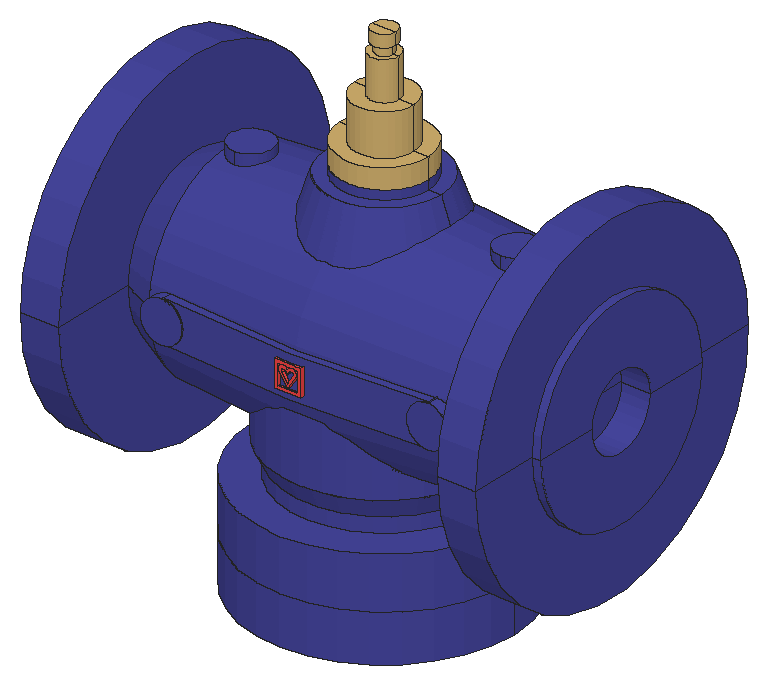
Revit family "Клапан проходной регулирующий, фланцевый F 4035_PN16", category Rohrzubehör, Revit 2018
Family settings
  Bemaßung runder Anschluss = Durchmesser verwenden
  Teiletyp = Unterbricht
  OmniClass-Nummer = 23.65.55.14
  OmniClass-Titel = Valves for Liquid Services
  Arbeitsebenenbasiert = Nein
  Immer vertikal = Ja
  Beim Laden mit Abzugskörper schneiden = Nein
  Gemeinsam genutzt = Nein
Parameters (values of type "kvs6.3")
  Среда = "Качество очистки воды должно соответствовать нормам ÖNORM H 5195 и VDI 2035 стандартам."
  Номер заказа [instance] = if(and(kvs1, Nennweite = 15 mm), 403501, if(and(kvs1.6, Nennweite = 15 mm), 403511, if(and(kvs2.5, Nennweite = 15 mm), 403521, if(and(kvs4, Nennweite = 15 mm), 403531, if(and(kvs6.3, Nennweite = 25 mm), 403503, if(and(kvs10, Nennweite = 25 mm), 403513, if(and(kvs16, Nennweite = 32 mm), 403504, if(and(kvs25, Nennweite = 40 mm), 403505, if(and(kvs40, Nennweite = 50 mm), 403516, if(and(kvs63, Nennweite = 65 mm), 403507, if(and(kvs100, Nennweite = 80 mm), 403508, if(and(kvs160, Nennweite = 100 mm), 403509, if(and(kvs250, Nennweite = 125 mm), 403510, if(and(kvs330, Nennweite = 150 mm), 403541, 0))))))))))))))  # 403503
  Вес [instance] = size_lookup("4035_PN16", "Gewicht", 25, Nennweite)  # 8
  kvs63 = no
  kvs6.3 = yes
  kvs40 = no
  kvs4 = no
  kvs330 = no
  kvs250 = no
  kvs25 = no
  kvs2.5 = no
  kvs160 = no
  kvs16 = no
  kvs100 = no
  kvs10 = no
  kvs1.6 = no
  kvs1 = no
  Седло клапана = "WN1.4021"  # constant formula
  Конус клапана = "WN1.4021/латунь"  # constant formula
  Пропускная характеристика клапана = "равнопроцентная"  # constant formula
  URL = "www.herz-armaturen.ru"
  Шток = "WN1.4404"  # constant formula
  SCTWSEQ = "FW;SBT_TYP_FW=\"101\";2"
  SCTWCODE = "04;05;02"  # constant formula
  SCRNSEQ = "ARM;ARM_TYP=\"DURR\";2"
  SCRNCODE = "05;06;02"  # constant formula
  R14 = 4 mm  # constant formula
  R13 = 3 mm  # constant formula
  R12 = 5 mm  # constant formula
  R11 [instance] = size_lookup("4035_PN16", "R11", 18 mm, Nennweite)  # 10 mm
  R10 [instance] = size_lookup("4035_PN16", "R10", 23 mm, Nennweite)  # 15 mm
  R09 [instance] = size_lookup("4035_PN16", "R9", 49 mm, Nennweite)  # 19.5 mm
  R08 [instance] = R00 + 3 mm  # 41 mm
  R07 [instance] = size_lookup("4035_PN16", "R7", 15.5 mm, Nennweite)  # 7 mm
  R06 [instance] = size_lookup("4035_PN16", "R6", 15.5 mm, Nennweite)  # 7 mm
  R05 [instance] = size_lookup("4035_PN16", "R5", 62.5 mm, Nennweite)  # 35.5 mm
  R04 [instance] = size_lookup("4035_PN16", "R4", 59.5 mm, Nennweite)  # 32.5 mm
  R03 [instance] = size_lookup("4035_PN16", "R3", 43 mm, Nennweite)  # 44 mm
  R02 [instance] = size_lookup("4035_PN16", "R2", 43 mm, Nennweite)  # 19.5 mm
  R01 [instance] = size_lookup("4035_PN16", "R1", 55.5 mm, Nennweite)  # 28.5 mm
  R00 [instance] = size_lookup("4035_PN16", "R", 65 mm, Nennweite)  # 38 mm
  PN = 16  # constant formula
  Nennweite [instance] = 25 mm
  Мин. рабочая температура = 5 °C  # constant formula
  Макс. рабочая температура = 150 °C  # constant formula
  Макс. рабочее давление = 1600000.0 Pa  # constant formula
  LO1 [instance] = size_lookup("4035_PN16", "LO1", 28.5 mm, Nennweite)  # 40 mm
  L07 [instance] = L06 - R06  # 45 mm
  L06 [instance] = size_lookup("4035_PN16", "L6", 110 mm, Nennweite)  # 52 mm
  L05 [instance] = D00  # 57.5 mm
  L03 = 10 mm  # constant formula
  L02 [instance] = size_lookup("4035_PN16", "L2", 15 mm, Nennweite)  # 13 mm
  L01 = 3 mm  # constant formula
  L00 [instance] = size_lookup("4035_PN16", "L", 145 mm, Nennweite)  # 80 mm
  Hersteller = "Herz-Armaturen GmbH"  # constant formula
  H18 [instance] = 17.5 mm  # constant formula
  H15 = 4 mm  # constant formula
  H14 [instance] = size_lookup("4035_PN16", "H14", 17 mm, Nennweite)  # 13 mm
  H13 [instance] = size_lookup("4035_PN16", "H13", 18 mm, Nennweite)  # 14 mm
  H12 [instance] = size_lookup("4035_PN16", "H12", 10.5 mm, Nennweite)  # 6.8 mm
  H11 [instance] = size_lookup("4035_PN16", "H11", 52.5 mm, Nennweite)  # 40.8 mm
  H10 [instance] = size_lookup("4035_PN16", "H10", 135.4 mm, Nennweite)  # 88.3 mm
  H09 = 3 mm  # constant formula
  H08 [instance] = size_lookup("4035_PN16", "H8", 79 mm, Nennweite)  # 44.5 mm
  H07 [instance] = R00  # 38 mm
  H06 [instance] = size_lookup("4035_PN16", "H6", 59 mm, Nennweite)  # 35 mm
  H05 [instance] = size_lookup("4035_PN16", "H5", 20 mm, Nennweite)  # 5 mm
  H04 [instance] = size_lookup("4035_PN16", "H4", 17 mm, Nennweite)  # 15 mm
  H02 [instance] = size_lookup("4035_PN16", "H2", 38 mm, Nennweite)  # 3 mm
  H03 [instance] = size_lookup("4035_PN16", "H3", 112 mm, Nennweite)  # 64 mm
  H01 [instance] = size_lookup("4035_PN16", "H1", 14 mm, Nennweite)  # 16 mm
  Корпус = "EN-GJL-250 (EN 1561)"  # constant formula
  Материал уплотнения = "70EPDM"  # constant formula
  DN80 [instance] = Nennweite = 80 mm  # no
  DN65 [instance] = Nennweite = 65 mm  # no
  DN50 [instance] = Nennweite = 50 mm  # no
  DN40 [instance] = Nennweite = 40 mm  # no
  DN32 [instance] = Nennweite = 32 mm  # no
  DN25 [instance] = Nennweite = 25 mm  # yes
  DN150 [instance] = Nennweite = 150 mm  # no
  DN15 [instance] = Nennweite = 15 mm  # no
  DN125 [instance] = Nennweite = 125 mm  # no
  DN100 [instance] = Nennweite = 100 mm  # no
  D02 [instance] = Nennweite / 2  # 12.5 mm
  D01 [instance] = size_lookup("4035_PN16", "D1", 61 mm, Nennweite)  # 34 mm
  D00 [instance] = size_lookup("4035_PN16", "D", 92.5 mm, Nennweite)  # 57.5 mm
  Description = ""
  Область применения = "Клапан может использоваться в системах отопления, вентиляции и кондиционирования воздуха, в производственных и технологических процессах. Пропускная характеристика клапана - равнопроцентная. Соотношение регулирования (соотношение между пропускной способностью при номинальной высоте хода Kvs и минимальным значением пропускной способности, при которой погрешность регулирования находится в пределах номинального допуска Kvmin) - 30. Выбор проходного фланцевого клапана осущетвляется в соответствии с диаграммой значений kvs."
  Фланцевое соединение = "EN 1092-2"  # constant formula
Types (15, lengths in mm): name | Номер заказа | Вес | kvs63 | kvs6.3 | kvs40 | kvs4 | kvs330 | kvs250 | kvs25 | kvs2.5 | kvs160 | kvs16 | kvs100 | kvs10 | kvs1.6 | kvs1 | R11 | R10 | R09 | R08 | R07 | R06 | R05 | R04 | R03 | R02 | R01 | R00 | Nennweite | LO1 | L07 | L06 | L05 | L02 | L00 | H14 | H13 | H12 | H11 | H10 | H08 | H07 | H06 | H05 | H04 | H02 | H03 | H01 | DN80 | DN50 | DN40 | DN32 | DN25 | DN150 | DN15 | DN125 | DN100 | D02 | D01 | D00
  (no name) | 403503 | 8 | no | yes | no | no | no | no | no | no | no | no | no | no | no | no | 10 | 15 | 19.5 | 41 | 7 | 7 | 35.5 | 32.5 | 44 | 19.5 | 28.5 | 38 | 25 | 40 | 45 | 52 | 57.5 | 13 | 80 | 13 | 14 | 6.8 | 40.8 | 88.3 | 44.5 | 38 | 35 | 5 | 15 | 3 | 64 | 16 | no | no | no | no | yes | no | no | no | no | 12.5 | 34 | 57.5
  kvs1 | 403501 | 5 | no | no | no | no | no | no | no | no | no | no | no | no | no | yes | 10 | 15 | 19.5 | 29.5 | 6 | 6 | 24 | 21 | 32.5 | 14 | 17 | 26.5 | 15 | 27.5 | 34 | 40 | 47.5 | 11 | 65 | 13 | 14 | 6.8 | 40.8 | 80.3 | 36.5 | 26.5 | 24.5 | 5 | 13 | 11 | 49 | 14 | no | no | no | no | no | no | yes | no | no | 7.5 | 22.5 | 47.5
  kvs1.6 | 403511 | 5 | no | no | no | no | no | no | no | no | no | no | no | no | yes | no | 10 | 15 | 19.5 | 29.5 | 6 | 6 | 24 | 21 | 32.5 | 14 | 17 | 26.5 | 15 | 27.5 | 34 | 40 | 47.5 | 11 | 65 | 13 | 14 | 6.8 | 40.8 | 80.3 | 36.5 | 26.5 | 24.5 | 5 | 13 | 11 | 49 | 14 | no | no | no | no | no | no | yes | no | no | 7.5 | 22.5 | 47.5
  kvs2.5 | 403521 | 5 | no | no | no | no | no | no | no | yes | no | no | no | no | no | no | 10 | 15 | 19.5 | 29.5 | 6 | 6 | 24 | 21 | 32.5 | 14 | 17 | 26.5 | 15 | 27.5 | 34 | 40 | 47.5 | 11 | 65 | 13 | 14 | 6.8 | 40.8 | 80.3 | 36.5 | 26.5 | 24.5 | 5 | 13 | 11 | 49 | 14 | no | no | no | no | no | no | yes | no | no | 7.5 | 22.5 | 47.5
  kvs4 | 403531 | 5 | no | no | no | yes | no | no | no | no | no | no | no | no | no | no | 10 | 15 | 19.5 | 29.5 | 6 | 6 | 24 | 21 | 32.5 | 14 | 17 | 26.5 | 15 | 27.5 | 34 | 40 | 47.5 | 11 | 65 | 13 | 14 | 6.8 | 40.8 | 80.3 | 36.5 | 26.5 | 24.5 | 5 | 13 | 11 | 49 | 14 | no | no | no | no | no | no | yes | no | no | 7.5 | 22.5 | 47.5
  kvs6.3 | 403503 | 8 | no | yes | no | no | no | no | no | no | no | no | no | no | no | no | 10 | 15 | 19.5 | 41 | 7 | 7 | 35.5 | 32.5 | 44 | 19.5 | 28.5 | 38 | 25 | 40 | 45 | 52 | 57.5 | 13 | 80 | 13 | 14 | 6.8 | 40.8 | 88.3 | 44.5 | 38 | 35 | 5 | 15 | 3 | 64 | 16 | no | no | no | no | yes | no | no | no | no | 12.5 | 34 | 57.5
  kvs10 | 403513 | 8 | no | no | no | no | no | no | no | no | no | no | no | yes | no | no | 10 | 15 | 19.5 | 41 | 7 | 7 | 35.5 | 32.5 | 44 | 19.5 | 28.5 | 38 | 25 | 40 | 45 | 52 | 57.5 | 13 | 80 | 13 | 14 | 6.8 | 40.8 | 88.3 | 44.5 | 38 | 35 | 5 | 15 | 3 | 64 | 16 | no | no | no | no | yes | no | no | no | no | 12.5 | 34 | 57.5
  kvs16 | 403504 | 11.5 | no | no | no | no | no | no | no | no | no | yes | no | no | no | no | 10 | 15 | 20.5 | 46 | 9 | 9 | 40.5 | 37.5 | 49 | 24.5 | 33.5 | 43 | 32 | 45 | 51 | 60 | 70 | 13 | 90 | 17 | 18 | 10.5 | 52.5 | 102 | 46.5 | 43 | 39 | 15 | 15 | 4 | 84 | 16 | no | no | no | yes | no | no | no | no | no | 16 | 39 | 70
  kvs25 | 403505 | 13 | no | no | no | no | no | no | yes | no | no | no | no | no | no | no | 10 | 15 | 20.5 | 51 | 12 | 12 | 45.5 | 42.5 | 54 | 29 | 38.5 | 48 | 40 | 50 | 56 | 68 | 75 | 13 | 100 | 17 | 18 | 10.5 | 52.5 | 112 | 56.5 | 48 | 43 | 20 | 15 | 1 | 94 | 16 | no | no | yes | no | no | no | no | no | no | 20 | 44 | 75
  kvs63 | 0 | 16 | yes | no | no | no | no | no | no | no | no | no | no | no | no | no | 18 | 23 | 49 | 56 | 13.5 | 13.5 | 52.5 | 49.5 | 61 | 34 | 45.5 | 53 | 50 | 56 | 66.5 | 80 | 82.5 | 15 | 115 | 17 | 18 | 10.5 | 52.5 | 122 | 66.5 | 53 | 43 | 1 | 15 | 42 | 67 | 18 | no | yes | no | no | no | no | no | no | no | 25 | 51 | 82.5
  kvs100 | 403508 | 31 | no | no | no | no | no | no | no | no | no | no | yes | no | no | no | 18 | 23 | 49 | 76 | 15.5 | 15.5 | 70.5 | 67.5 | 79 | 51 | 63.5 | 73 | 80 | 77 | 99.5 | 115 | 100 | 17 | 155 | 17 | 18 | 10.5 | 52.5 | 168.5 | 113 | 73 | 65 | 20 | 19 | 46 | 125 | 20 | yes | no | no | no | no | no | no | no | no | 40 | 69 | 100
  kvs160 | 403509 | 46 | no | no | no | no | no | no | no | no | yes | no | no | no | no | no | 30 | 35 | 61 | 86 | 20.5 | 20.5 | 80.5 | 77.5 | 89 | 61 | 73.5 | 83 | 100 | 88 | 112.5 | 133 | 110 | 17 | 175 | 21 | 22 | 14.2 | 64.2 | 189.7 | 122.5 | 83 | 73 | 25 | 19 | 65 | 135 | 20 | no | no | no | no | no | no | no | no | yes | 50 | 79 | 110
  kvs250 | 403510 | 72 | no | no | no | no | no | yes | no | no | no | no | no | no | no | no | 30 | 35 | 61 | 101 | 20.5 | 20.5 | 95.5 | 92.5 | 104 | 76 | 88.5 | 98 | 125 | 103 | 134.5 | 155 | 125 | 19 | 200 | 21 | 22 | 14.2 | 64.2 | 231 | 163.5 | 98 | 80 | 30 | 21 | 44 | 158 | 21 | no | no | no | no | no | no | no | yes | no | 62.5 | 94 | 125
  kvs330 | 403541 | 91 | no | no | no | no | yes | no | no | no | no | no | no | no | no | no | 30 | 35 | 61 | 113 | 20.5 | 20.5 | 107.5 | 104.5 | 116 | 88 | 100.5 | 110 | 150 | 115 | 174.5 | 195 | 142.5 | 19 | 240 | 21 | 22 | 14.2 | 64.2 | 237.5 | 170 | 110 | 85 | 25 | 21 | 42 | 153 | 21 | no | no | no | no | no | yes | no | no | no | 75 | 106 | 142.5
  Kvs40 | 403516 | 16 | no | no | yes | no | no | no | no | no | no | no | no | no | no | no | 18 | 23 | 49 | 56 | 13.5 | 13.5 | 52.5 | 49.5 | 61 | 34 | 45.5 | 53 | 50 | 56 | 66.5 | 80 | 82.5 | 15 | 115 | 17 | 18 | 10.5 | 52.5 | 122 | 66.5 | 53 | 43 | 1 | 15 | 42 | 67 | 18 | no | yes | no | no | no | no | no | no | no | 25 | 51 | 82.5
Reference planes
  plane 1 "Mitte (Vorne/hinten)": y = 0
  plane 2: z = 0
  plane 3 "Mitte (Links/rechts)": x = 0
Forms (mm)
  Revolve 1, solid, material "kunststoff-BLAU", detail levels fine
    sketch origin (1065, 0, 0) x (1, 0, 0) y (0, 1, 0)
      loop
        line (-1142, 34) -> (-1145, 34) -> (-1145, 12.5) -> (-1135, 12.5) -> (-1135, 0) -> (-995, 0) -> (-995, 12.5) -> (-985, 12.5) -> (-985, 34) -> (-988, 34) -> (-988, 57.5) -> (-1001, 57.5) -> (-1001, 28.5) -> (-1013, 34.447)
        arc (-1013, 34.447) -> (-1065, 38) -> (-1117, 34.447) r 382.331
        line (-1117, 34.447) -> (-1129, 28.5) -> (-1129, 57.5) -> (-1142, 57.5) -> (-1142, 34)
      axis (-985, 0) -> (-1145, 0)
    angle from 0 to 360
  Extrusion 2, solid, material "kunststoff-BLAU", detail levels fine
    sketch origin (0, 0, 0) x (-1, 0, 0) y (0, 0, -1)
      loop
        circle (45, 0) r 7
      loop
        circle (-45, 0) r 7
    from -38 to 38
  Extrusion 3, solid, material "kunststoff-BLAU", visible <- "DN65", detail levels fine
    sketch origin (0, 0, 0) x (1, 0, 0) y (0, 1, 0)
      loop
        arc (-95, -56.907) -> (0, -68) -> (95, -56.907) r 412.331
        line (95, -56.907) -> (95, 56.907)
        arc (95, 56.907) -> (0, 68) -> (-95, 56.907) r 412.331
        line (-95, 56.907) -> (-95, -56.907)
    from -15.5 to 15.5
  Revolve 4, solid, material "kunststoff-BLAU", detail levels fine
    sketch origin (0, 0, 0) x (1, 0, 0) y (0, 0, 1)
      loop
        line (-19.5, 44.5) -> (-35.5, 0) -> (0, 0) -> (0, 47.5) -> (-15, 47.5) -> (-15, 44.5) -> (-19.5, 44.5)
      axis (0, 47.5) -> (0, 0)
    angle from 0 to 360
  Revolve 5, solid, material "kunststoff-BLAU", detail levels fine
    sketch origin (0, 0, 0) x (1, 0, 0) y (0, 0, 1)
      loop
        line (0, 0) -> (-35.5, 0) -> (-35.5, -35) -> (-32.5, -41.5) -> (-32.5, -46.5) -> (-44, -46.5) -> (-44, -64) -> (0, -64) -> (0, 0)
      axis (0, 0) -> (0, -64)
    angle from 0 to 360
  Revolve 6, solid, material "kunststoff-BLAU", detail levels fine
    sketch origin (0, 0, 0) x (1, 0, 0) y (0, 0, 1)
      loop
        line (0, -64) -> (-44, -64) -> (-44, -80) -> (0, -80) -> (0, -64)
      axis (0, -64) -> (0, -80)
    angle from 0 to 360
  Extrusion 7, solid, material "kunststoff-BLAU", detail levels fine
    sketch origin (0, 0, 0) x (0, -1, 0) y (1, 0, 0)
      loop
        circle (0, -45) r 7
      loop
        circle (0, 45) r 7
    from -38 to 38
  Extrusion 8, solid, material "kunststoff-BLAU", visible <- "DN150", detail levels fine
    sketch origin (0, 0, 0) x (1, 0, 0) y (0, 1, 0)
      loop
        arc (-179.5, -78.475) -> (0, -115) -> (179.5, -78.475) r 459.331
        line (179.5, -78.475) -> (179.5, 78.475)
        arc (179.5, 78.475) -> (0, 115) -> (-179.5, 78.475) r 459.331
        line (-179.5, 78.475) -> (-179.5, -78.475)
    from -20.5 to 20.5
  Extrusion 9, solid, material "kunststoff-BLAU", visible <- "DN125", detail levels fine
    sketch origin (0, 0, 0) x (1, 0, 0) y (0, 1, 0)
      loop
        arc (-134.5, -82.301) -> (0, -103) -> (134.5, -82.301) r 447.331
        line (134.5, -82.301) -> (134.5, 82.301)
        arc (134.5, 82.301) -> (0, 103) -> (-134.5, 82.301) r 447.331
        line (-134.5, 82.301) -> (-134.5, -82.301)
    from -20.5 to 20.5
  Extrusion 10, solid, material "kunststoff-BLAU", visible <- "DN100", detail levels fine
    sketch origin (0, 0, 0) x (1, 0, 0) y (0, 1, 0)
      loop
        arc (-112.5, -73.106) -> (0, -88) -> (112.5, -73.106) r 432.331
        line (112.5, -73.106) -> (112.5, 73.106)
        arc (112.5, 73.106) -> (0, 88) -> (-112.5, 73.106) r 432.331
        line (-112.5, 73.106) -> (-112.5, -73.106)
    from -20.5 to 20.5
  Extrusion 11, solid, material "kunststoff-BLAU", visible <- "DN80", detail levels fine
    sketch origin (0, 0, 0) x (1, 0, 0) y (0, 1, 0)
      loop
        line (99.5, -65.083) -> (99.5, 65.083)
        arc (99.5, 65.083) -> (0, 77) -> (-99.5, 65.083) r 421.331
        line (-99.5, 65.083) -> (-99.5, -65.083)
        arc (-99.5, -65.083) -> (0, -77) -> (99.5, -65.083) r 421.331
    from -15.5 to 15.5
  Extrusion 12, solid, material "kunststoff-BLAU", visible <- "DN50", detail levels fine
    sketch origin (0, 0, 0) x (1, 0, 0) y (0, 1, 0)
      loop
        arc (-66.5, -50.44) -> (0, -56.006) -> (66.5, -50.44) r 400.05
        line (66.5, -50.44) -> (66.5, 50.44)
        arc (66.5, 50.44) -> (0, 56.006) -> (-66.5, 50.44) r 400.05
        line (-66.5, 50.44) -> (-66.5, -50.44)
    from -13.5 to 13.5
  Extrusion 13, solid, material "kunststoff-BLAU", visible <- "DN40", detail levels fine
    sketch origin (0, 0, 0) x (1, 0, 0) y (0, 1, 0)
      loop
        arc (-56, -46.003) -> (0, -50) -> (56, -46.003) r 394.331
        line (56, -46.003) -> (56, 46.003)
        arc (56, 46.003) -> (0, 50) -> (-56, 46.003) r 394.331
        line (-56, 46.003) -> (-56, -46.003)
    from -12 to 12
  Extrusion 14, solid, material "kunststoff-BLAU", visible <- "DN32", detail levels fine
    sketch origin (0, 0, 0) x (1, 0, 0) y (0, 1, 0)
      loop
        arc (-51, -41.645) -> (0, -45) -> (51, -41.645) r 389.331
        line (51, -41.645) -> (51, 41.645)
        arc (51, 41.645) -> (0, 45) -> (-51, 41.645) r 389.331
        line (-51, 41.645) -> (-51, -41.645)
    from -9 to 9
  Extrusion 15, solid, material "kunststoff-BLAU", visible <- "DN25", detail levels fine
    sketch origin (0, 0, 0) x (1, 0, 0) y (0, 1, 0)
      loop
        line (45, -37.356) -> (45, 37.356)
        arc (45, 37.356) -> (0, 40) -> (-45, 37.356) r 384.331
        line (-45, 37.356) -> (-45, -37.356)
        arc (-45, -37.356) -> (0, -40) -> (45, -37.356) r 384.331
    from -7 to 7
  Extrusion 16, solid, material "kunststoff-BLAU", visible <- "DN15", detail levels fine
    sketch origin (0, 0, 0) x (1, 0, 0) y (0, 1, 0)
      loop
        line (-34, 25.942) -> (-34, -25.942)
        arc (-34, -25.942) -> (0, -27.5) -> (34, -25.942) r 371.831
        line (34, -25.942) -> (34, 25.942)
        arc (34, 25.942) -> (0, 27.5) -> (-34, 25.942) r 371.831
    from -6 to 6
  Revolve 17, solid, material "Messing-poliert", detail levels fine
    sketch origin (0, 0, 0) x (1, 0, 0) y (0, 0, 1)
      loop
        line (-15, 54.3) -> (-15, 47.5) -> (0, 47.5) -> (0, 88.3) -> (-4, 88.3) -> (-4, 84.3) -> (-3, 84.3) -> (-3, 81.3) -> (-5, 81.3) -> (-5, 68.3) -> (-10, 68.3) -> (-10, 54.3) -> (-15, 54.3)
      axis (0, 88.3) -> (0, 47.5)
    angle from 0 to 360
Lines and regions (mm)
  model lines, detail levels coarse+medium
    curve 1: line (80, 0, 57.5) -> (80, 0, -57.5)
    curve 2: line (80, 0, -57.5) -> (-80, 0, 57.5)
    curve 3: line (-80, 0, 57.5) -> (-80, 0, -57.5)
    curve 4: line (-80, 0, -57.5) -> (80, 0, 57.5)
    curve 5: line (80, 57.5, 0) -> (80, -57.5, 0)
    curve 6: line (80, -57.5, 0) -> (-80, 57.5, 0)
    curve 7: line (-80, 57.5, 0) -> (-80, -57.5, 0)
    curve 8: line (-80, -57.5, 0) -> (80, 57.5, 0)
Dimensions and locks
  "L00": Revolve 1 sketch curve to plane 3 "Mitte (Links/rechts)" to Revolve 1 sketch curve
  "D00": plane 1 "Mitte (Vorne/hinten)" to Revolve 1 sketch curve  (x2)
  "D02": plane 1 "Mitte (Vorne/hinten)" to Revolve 1 sketch curve  (x2)
  "L01": Revolve 1 sketch curve to Revolve 1 sketch curve  (x2)
  "L02": Revolve 1 sketch curve to Revolve 1 sketch curve  (x2)
  "D01": plane 1 "Mitte (Vorne/hinten)" to Revolve 1 sketch curve  (x2)
  "R01": plane 1 "Mitte (Vorne/hinten)" to Revolve 1 sketch curve  (x2)
  "R00": Revolve 1 sketch curve to Revolve 1 sketch curve
  "L03": Revolve 1 sketch curve to Revolve 1 sketch curve  (x2)
  "H01": Revolve 6 sketch curve to Revolve 6 sketch curve
  "R03": plane 3 "Mitte (Links/rechts)" to Revolve 6 sketch curve
  "R03": Revolve 5 sketch curve to Revolve 5 sketch curve
  "H03": plane 2 to Revolve 5 sketch curve
  "H06": Revolve 5 sketch curve to Revolve 5 sketch curve
  "R04": Revolve 5 sketch curve to Revolve 5 sketch curve
  "R05": Revolve 5 sketch curve to Revolve 5 sketch curve
  "H05": Revolve 5 sketch curve to Revolve 5 sketch curve
  "L06": Revolve 1 sketch curve to plane 3 "Mitte (Links/rechts)" to Revolve 1 sketch curve
  "H03": plane 2 to Revolve 6 sketch curve
  "R09": Revolve 4 sketch curve to Revolve 4 sketch curve
  "R05": Revolve 4 sketch curve to Revolve 4 sketch curve
  "H07": Extrusion 7 to plane 2 to Extrusion 7  (x2)
  "L07": plane 3 "Mitte (Links/rechts)" to Extrusion 7 sketch curve
  "L07": Extrusion 7 sketch curve to plane 3 "Mitte (Links/rechts)"
  "H07": Extrusion 2 to plane 1 "Mitte (Vorne/hinten)"  (x3)
  "L07": plane 3 "Mitte (Links/rechts)" to Extrusion 2 sketch curve
  "L07": Extrusion 2 sketch curve to plane 3 "Mitte (Links/rechts)"
  "H07": plane 1 "Mitte (Vorne/hinten)" to Extrusion 2
  "H08": Revolve 4 sketch curve to plane 2
  "H09": Revolve 4 sketch curve to Revolve 4 sketch curve
  "R10": plane 3 "Mitte (Links/rechts)" to Revolve 4 sketch curve
  "H11": Revolve 17 sketch curve to Revolve 17 sketch curve
  "H10": Revolve 17 sketch curve to plane 2
  "R10": plane 3 "Mitte (Links/rechts)" to Revolve 17 sketch curve
  "H12": Revolve 17 sketch curve to Revolve 17 sketch curve
  "H13": Revolve 17 sketch curve to Revolve 17 sketch curve
  "H14": Revolve 17 sketch curve to Revolve 17 sketch curve
  "H15": Revolve 17 sketch curve to Revolve 17 sketch curve
  "R14": plane 3 "Mitte (Links/rechts)" to Revolve 17 sketch curve
  "R13": plane 3 "Mitte (Links/rechts)" to Revolve 17 sketch curve
  "R11": plane 3 "Mitte (Links/rechts)" to Revolve 17 sketch curve
  "R12": plane 3 "Mitte (Links/rechts)" to Revolve 17 sketch curve
  "LO1": nested 1 to plane 1 "Mitte (Vorne/hinten)"
  "H18": Revolve 5 sketch curve to Revolve 6
  "D00": curve 3 to plane 2 to curve 4
  "D00": curve 4 to plane 2 to curve 2
  "L00": curve 3 to plane 3 "Mitte (Links/rechts)" to curve 1
  "D00": curve 8 to plane 1 "Mitte (Vorne/hinten)" to curve 7
  "D00": curve 5 to plane 1 "Mitte (Vorne/hinten)" to curve 8
  "L00": curve 7 to plane 3 "Mitte (Links/rechts)" to curve 5
  "R06": radius of Extrusion 7 sketch curve  (x2)
  "R07": radius of Extrusion 2 sketch curve  (x2)
  aligned and locked: level to plane 2
Automatic sketch dimensions
  Extrusion 3 sketch curve to plane 1 "Mitte (Vorne/hinten)" = 56.907 mm  (x2)
  Extrusion 3 sketch curve to plane 3 "Mitte (Links/rechts)" = 0 mm  (x2)
  Extrusion 3 sketch curve to Extrusion 3 sketch curve = 113.814 mm
  Extrusion 3 sketch curve to Extrusion 3 sketch curve = 287.425 mm
  Extrusion 3 sketch curve to plane 1 "Mitte (Vorne/hinten)" = 344.331 mm
  plane 3 "Mitte (Links/rechts)" to Extrusion 3 sketch curve = 95 mm
  Extrusion 8 sketch curve to plane 3 "Mitte (Links/rechts)" = 0 mm  (x2)
  Extrusion 8 sketch curve to plane 1 "Mitte (Vorne/hinten)" = 78.475 mm  (x2)
  plane 1 "Mitte (Vorne/hinten)" to Extrusion 8 sketch curve = 78.475 mm
  Extrusion 8 sketch curve to plane 3 "Mitte (Links/rechts)" = 179.5 mm
  Extrusion 8 sketch curve to Extrusion 8 sketch curve = 265.857 mm
  Extrusion 8 sketch curve to plane 1 "Mitte (Vorne/hinten)" = 344.331 mm
  plane 3 "Mitte (Links/rechts)" to Extrusion 9 sketch curve = 134.5 mm
  plane 1 "Mitte (Vorne/hinten)" to Extrusion 9 sketch curve = 82.301 mm  (x2)
  Extrusion 9 sketch curve to plane 3 "Mitte (Links/rechts)" = 0 mm  (x2)
  Extrusion 9 sketch curve to Extrusion 9 sketch curve = 262.031 mm  (x2)
  Extrusion 9 sketch curve to plane 1 "Mitte (Vorne/hinten)" = 82.301 mm
  Extrusion 10 sketch curve to plane 3 "Mitte (Links/rechts)" = 0 mm  (x2)
  plane 1 "Mitte (Vorne/hinten)" to Extrusion 10 sketch curve = 73.106 mm
  Extrusion 10 sketch curve to plane 3 "Mitte (Links/rechts)" = 112.5 mm
  Extrusion 10 sketch curve to Extrusion 10 sketch curve = 271.225 mm
  Extrusion 10 sketch curve to plane 1 "Mitte (Vorne/hinten)" = 344.331 mm
  Extrusion 10 sketch curve to plane 1 "Mitte (Vorne/hinten)" = 73.106 mm  (x2)
  Extrusion 11 sketch curve to plane 3 "Mitte (Links/rechts)" = 0 mm  (x2)
  plane 1 "Mitte (Vorne/hinten)" to Extrusion 11 sketch curve = 65.083 mm  (x2)
  Extrusion 11 sketch curve to plane 3 "Mitte (Links/rechts)" = 99.5 mm
  Extrusion 11 sketch curve to Extrusion 11 sketch curve = 279.249 mm
  Extrusion 11 sketch curve to plane 1 "Mitte (Vorne/hinten)" = 344.331 mm
  Extrusion 11 sketch curve to plane 1 "Mitte (Vorne/hinten)" = 65.083 mm
  Extrusion 12 sketch curve to plane 3 "Mitte (Links/rechts)" = 0 mm  (x2)
  Extrusion 12 sketch curve to plane 3 "Mitte (Links/rechts)" = 66.5 mm
  plane 3 "Mitte (Links/rechts)" to Extrusion 12 sketch curve = 66.5 mm
  plane 1 "Mitte (Vorne/hinten)" to Extrusion 12 sketch curve = 344.044 mm
  plane 1 "Mitte (Vorne/hinten)" to Extrusion 12 sketch curve = 50.44 mm
  Extrusion 12 sketch curve to plane 1 "Mitte (Vorne/hinten)" = 50.44 mm
  Extrusion 12 sketch curve to Extrusion 12 sketch curve = 293.604 mm
  Extrusion 13 sketch curve to plane 3 "Mitte (Links/rechts)" = 0 mm  (x2)
  Extrusion 13 sketch curve to plane 3 "Mitte (Links/rechts)" = 56 mm
  plane 3 "Mitte (Links/rechts)" to Extrusion 13 sketch curve = 56 mm
  plane 1 "Mitte (Vorne/hinten)" to Extrusion 13 sketch curve = 344.331 mm
  plane 1 "Mitte (Vorne/hinten)" to Extrusion 13 sketch curve = 46.003 mm
  Extrusion 13 sketch curve to plane 1 "Mitte (Vorne/hinten)" = 46.003 mm
  Extrusion 13 sketch curve to Extrusion 13 sketch curve = 298.328 mm
  Extrusion 14 sketch curve to plane 3 "Mitte (Links/rechts)" = 0 mm  (x2)
  Extrusion 14 sketch curve to plane 3 "Mitte (Links/rechts)" = 51 mm
  plane 3 "Mitte (Links/rechts)" to Extrusion 14 sketch curve = 51 mm
  plane 1 "Mitte (Vorne/hinten)" to Extrusion 14 sketch curve = 344.331 mm
  plane 1 "Mitte (Vorne/hinten)" to Extrusion 14 sketch curve = 41.645 mm
  Extrusion 14 sketch curve to plane 1 "Mitte (Vorne/hinten)" = 41.645 mm
  Extrusion 14 sketch curve to Extrusion 14 sketch curve = 302.686 mm
  Extrusion 15 sketch curve to plane 3 "Mitte (Links/rechts)" = 0 mm  (x2)
  Extrusion 15 sketch curve to plane 3 "Mitte (Links/rechts)" = 45 mm
  plane 3 "Mitte (Links/rechts)" to Extrusion 15 sketch curve = 45 mm
  plane 1 "Mitte (Vorne/hinten)" to Extrusion 15 sketch curve = 344.331 mm
  plane 1 "Mitte (Vorne/hinten)" to Extrusion 15 sketch curve = 37.356 mm
  Extrusion 15 sketch curve to plane 1 "Mitte (Vorne/hinten)" = 37.356 mm
  Extrusion 15 sketch curve to Extrusion 15 sketch curve = 306.975 mm
  Extrusion 16 sketch curve to plane 3 "Mitte (Links/rechts)" = 0 mm  (x2)
  Extrusion 16 sketch curve to plane 3 "Mitte (Links/rechts)" = 34 mm
  plane 3 "Mitte (Links/rechts)" to Extrusion 16 sketch curve = 34 mm
  plane 1 "Mitte (Vorne/hinten)" to Extrusion 16 sketch curve = 344.331 mm
  plane 1 "Mitte (Vorne/hinten)" to Extrusion 16 sketch curve = 25.942 mm
  Extrusion 16 sketch curve to plane 1 "Mitte (Vorne/hinten)" = 25.942 mm
  Extrusion 16 sketch curve to Extrusion 16 sketch curve = 318.389 mm
  plane 1 "Mitte (Vorne/hinten)" to Revolve 1 sketch curve = 0 mm  (x2)
  Revolve 1 sketch curve to plane 3 "Mitte (Links/rechts)" = 0 mm
  plane 1 "Mitte (Vorne/hinten)" to Revolve 1 sketch curve = 344.331 mm
  Revolve 1 sketch curve to Revolve 1 sketch curve = 1855 mm  (x2)
  Extrusion 2 sketch curve to level = 0 mm  (x2)
  Revolve 4 sketch curve to level = 0 mm
  Revolve 4 sketch curve to plane 3 "Mitte (Links/rechts)" = 0 mm  (x2)
  Revolve 4 sketch curve to Revolve 4 sketch curve = 366.045 mm
  Revolve 4 sketch curve to Revolve 4 sketch curve = 2132.315 mm
  Revolve 5 sketch curve to level = 0 mm
  Revolve 5 sketch curve to plane 3 "Mitte (Links/rechts)" = 0 mm  (x2)
  Revolve 5 sketch curve to Revolve 5 sketch curve = 254.045 mm
  level to Revolve 5 sketch curve = 2214.315 mm
  Revolve 6 sketch curve to plane 3 "Mitte (Links/rechts)" = 0 mm  (x2)
  Revolve 6 sketch curve to Revolve 6 sketch curve = 0 mm
  level to Revolve 6 sketch curve = 2214.315 mm
  plane 1 "Mitte (Vorne/hinten)" to Extrusion 7 sketch curve = 0 mm  (x2)
  Revolve 17 sketch curve to plane 3 "Mitte (Links/rechts)" = 0 mm  (x2)
  Revolve 17 sketch curve to level = 366.045 mm
  Revolve 17 sketch curve to Revolve 17 sketch curve = 2079.815 mm
Nested families
  nested 1: "Herz-Logo-vorne" at (-0.018, -40, 0) x (0, 1, 0) z (0, 0, 1), type "Herz-Logo-vorne", detail levels fine
Connectors
  piping at (-80, 0, 0), diameter 25, driven by "Nennweite"
    settings: on Revolve 1, index 1, connector inside diameter 609.6 mm, connector length 0 mm, flow factor 0, pipe flow 0.0 L/s, pressure drop 0.0 Pa, fitting loss kfactor 0, connector angle 0.00°, fixture units 0, engagement length 0 mm, angle of deflection 0.00°, flow configuration 0, flow direction 1, fitting loss method 0, system type 29, joint type 0, gender type 0, connector reference index -1, connector utility 0, adjustable connector no, is connector primary yes, connector description ""
  piping at (80, 0, 0), diameter 25, driven by "Nennweite"
    settings: on Revolve 1, index 2, connector inside diameter 609.6 mm, connector length 0 mm, flow factor 0, pipe flow 0.0 L/s, pressure drop 0.0 Pa, fitting loss kfactor 0, connector angle 0.00°, fixture units 0, engagement length 0 mm, angle of deflection 0.00°, flow configuration 0, flow direction 2, fitting loss method 0, system type 29, joint type 0, gender type 0, connector reference index -1, connector utility 0, adjustable connector no, is connector primary no, connector description ""
Definition of nested family "Herz-Logo-vorne"
  Reference planes
    plane 1 "Mitte (Vorne/hinten)": y = 0
    plane 2: z = 0
    plane 3 "Mitte (Links/rechts)": x = 0
  Forms (mm)
    Extrusion 1, solid
      sketch origin (0.732, -0.018, 0.017) x (0, -1, 0) y (0, 0, 1)
        loop
          line (-0.018, -4.517) -> (4.482, -4.517) -> (4.482, 4.483) -> (-4.518, 4.483) -> (-4.518, -4.517) -> (-0.018, -4.517)
        loop
          line (-0.05, -3.48) -> (3.482, -3.48) -> (3.482, 3.483) -> (-3.518, 3.483) -> (-3.518, -3.48) -> (-0.05, -3.48)
        loop
          arc (-0.018, 2.383) -> (-1.543, 3.287) -> (-3.067, 2.383) r 1.738
          arc (-3.067, 2.383) -> (-3.191, 1.899) -> (-3.067, 1.415) r 1.009
          line (-3.067, 1.415) -> (-0.018, -3.281) -> (3.032, 1.415)
          arc (3.032, 1.415) -> (3.156, 1.899) -> (3.032, 2.383) r 1.009
          arc (3.032, 2.383) -> (1.507, 3.287) -> (-0.018, 2.383) r 1.738
        loop
          arc (1.885, 1.272) -> (2.005, 1.675) -> (1.885, 2.079) r 0.74
          arc (1.885, 2.079) -> (1.265, 2.416) -> (0.644, 2.079) r 0.74
          line (0.644, 2.079) -> (-0.018, 0.97) -> (-0.679, 2.079)
          arc (-0.679, 2.079) -> (-1.3, 2.416) -> (-1.921, 2.079) r 0.74
          arc (-1.921, 2.079) -> (-2.04, 1.675) -> (-1.921, 1.272) r 0.74
          line (-1.921, 1.272) -> (-0.018, -1.658) -> (1.885, 1.272)
      from 0 to 1.5
  Dimensions and locks
    aligned and locked: level to plane 2
